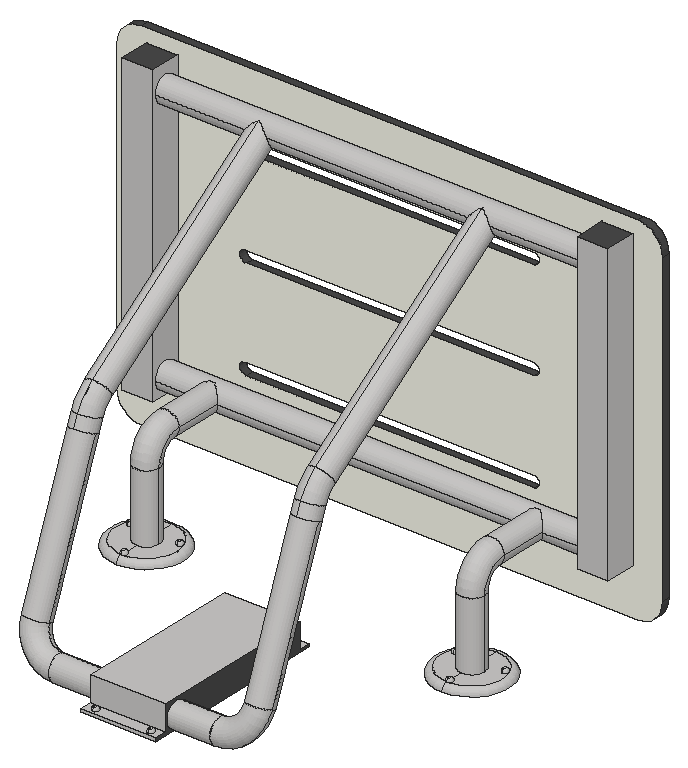
Revit family "Bath_Shower_Seat-Wall_Hung-Bobrick-B-5191", category Specialty Equipment, host Face, Revit 2016 (continued)
Automatic sketch dimensions
  curve 53 to curve 54 = 0.01197"
  level to curve 92 = 1/4"
  level to curve 93 = 1/4"
  curve 56 to curve 50 = 0.08434"
  plane 20 to curve 84 = 3.33291"
  curve 70 to curve 68 = 1/4"
  curve 76 to plane 4 = 3.10459"
  curve 72 to curve 72 = 1/4"
  curve 96 to plane 4 = 2.65655"
  curve 89 to plane 4 = 2.65655"
  curve 103 to plane 1 "Center (Front/Back)" = 0"
  curve 104 to plane 1 "Center (Front/Back)" = 0"
  plane 1 "Center (Front/Back)" to curve 102 = 5/16"
  curve 105 to plane 19 = 0.62237"
  curve 106 to plane 19 = 0.62237"
  level to curve 107 = 1/4"
  curve 107 to plane 11 = 0.55928"
  curve 108 to curve 107 = 0.0553"
  curve 109 to curve 107 = 0.1245"
  curve 108 to curve 109 = 0.07021"
  curve 109 to curve 108 = 0.0553"
  plane 11 to curve 107 = 1/2"
  level to curve 110 = 1/4"
  curve 110 to curve 107 = 1/2"
  curve 110 to curve 110 = 1/4"
  plane 13 to curve 111 = 1/8"
  curve 111 to plane 13 = 1/8"
  curve 114 to plane 16 = 1/4"
  curve 114 to plane 12 = 1.57602"
  level to curve 113 = 0.35202"
  curve 113 to curve 114 = 0.3123"
  curve 113 to curve 114 = 0.46359"
  curve 115 to plane 12 = 0.49749"
  curve 115 to plane 12 = 0.33653"
  curve 112 to plane 12 = 1/8"
  plane 12 to curve 112 = 1/8"
  curve 109 to curve 107 = 0.00027"
  level to curve 111 = 1/8"
  level to curve 112 = 1/8"
  curve 114 to curve 113 = 0.1873"
  curve 115 to plane 16 = 1/4"
  plane 16 to curve 102 = 1.89048"
  curve 102 to curve 105 = 0.23452"
  curve 105 to plane 20 = 7/8"
  curve 103 to plane 20 = 0.22959"
  plane 20 to curve 103 = 1/4"
  curve 104 to plane 4 = 2.90655"
  curve 104 to curve 106 = 0.42631"
  curve 104 to curve 104 = 1/2"
  curve 106 to curve 106 = 1.20583"
  curve 102 to plane 4 = 0.54702"
  Masking region 3 sketch curve to Masking region 3 sketch curve = 0"  (x4)
  Masking region 3 sketch curve to level = 0"  (x2)
  Masking region 3 sketch curve to plane 4 = 0"
  Masking region 3 sketch curve to plane 16 = 0"
  Masking region 3 sketch curve to plane 1 "Center (Front/Back)" = 0"  (x3)
  Masking region 3 sketch curve to plane 20 = 0.03647"
  plane 1 "Center (Front/Back)" to Masking region 3 sketch curve = 0.23109"  (x2)
  plane 20 to Masking region 3 sketch curve = 0.03647"
  plane 1 "Center (Front/Back)" to Masking region 3 sketch curve = 5/16"  (x2)
  Masking region 3 sketch curve to plane 19 = 0.62237"  (x3)
  Masking region 3 sketch curve to plane 11 = 1 1/2"
  level to Masking region 3 sketch curve = 0.00207"  (x2)
  Masking region 3 sketch curve to Masking region 3 sketch curve = 0.24792"  (x2)
  Masking region 3 sketch curve to plane 11 = 1"
  Masking region 3 sketch curve to plane 11 = 0.55928"
  Masking region 3 sketch curve to Masking region 3 sketch curve = 0.05928"
  Masking region 3 sketch curve to Masking region 3 sketch curve = 0.11195"
  level to Masking region 3 sketch curve = 1/4"
  Masking region 3 sketch curve to Masking region 3 sketch curve = 1/2"
  Masking region 3 sketch curve to Masking region 3 sketch curve = 0.0553"  (x3)
  Masking region 3 sketch curve to Masking region 3 sketch curve = 0.00298"
  Masking region 3 sketch curve to Masking region 3 sketch curve = 0.07212"
  Masking region 3 sketch curve to Masking region 3 sketch curve = 0.05738"
  level to Masking region 3 sketch curve = 1/8"  (x4)
  plane 13 to Masking region 3 sketch curve = 1/4"
  Masking region 3 sketch curve to Masking region 3 sketch curve = 1/8"  (x3)
  plane 13 to Masking region 3 sketch curve = 0.0697"
  plane 13 to Masking region 3 sketch curve = 0.00222"
  Masking region 3 sketch curve to plane 13 = 0.00034"
  Masking region 3 sketch curve to plane 13 = 0.0697"
  Masking region 3 sketch curve to plane 13 = 2.05098"
  Masking region 3 sketch curve to Masking region 3 sketch curve = 0.01581"
  Masking region 3 sketch curve to Masking region 3 sketch curve = 0.5474"
  Masking region 3 sketch curve to Masking region 3 sketch curve = 0.37064"
  Masking region 3 sketch curve to Masking region 3 sketch curve = 0.56427"
  Masking region 3 sketch curve to Masking region 3 sketch curve = 0.9252"
  Masking region 3 sketch curve to plane 16 = 1/4"  (x2)
  Masking region 3 sketch curve to plane 12 = 1.57602"
  Masking region 3 sketch curve to plane 12 = 0.49749"
  Masking region 3 sketch curve to plane 12 = 1/4"
  Masking region 3 sketch curve to plane 12 = 1/8"
  Masking region 3 sketch curve to plane 12 = 0.0697"
  Masking region 3 sketch curve to plane 12 = 0.00034"
  plane 12 to Masking region 3 sketch curve = 0.00222"
  plane 12 to Masking region 3 sketch curve = 0.0697"
  Masking region 3 sketch curve to plane 1 "Center (Front/Back)" = 0.09164"  (x2)
  Masking region 3 sketch curve to Masking region 3 sketch curve = 0.00018"  (x2)
  Masking region 3 sketch curve to Masking region 3 sketch curve = 0.00221"
  Masking region 3 sketch curve to Masking region 3 sketch curve = 0.0035"
  Masking region 3 sketch curve to Masking region 3 sketch curve = 0.00486"
  plane 16 to Masking region 3 sketch curve = 1 5/8"
  Masking region 3 sketch curve to Masking region 3 sketch curve = 0.23452"
  Masking region 3 sketch curve to plane 20 = 1/4"
  plane 20 to Masking region 3 sketch curve = 0.14049"
  plane 20 to Masking region 3 sketch curve = 2.02858"
  Masking region 3 sketch curve to Masking region 3 sketch curve = 0.01209"
  Masking region 3 sketch curve to Masking region 3 sketch curve = 0.36521"
  Masking region 3 sketch curve to Masking region 3 sketch curve = 0.37951"
  Masking region 3 sketch curve to plane 4 = 2.90655"
  Masking region 3 sketch curve to Masking region 3 sketch curve = 0.10951"
  Masking region 3 sketch curve to Masking region 3 sketch curve = 0.07295"
  Masking region 3 sketch curve to Masking region 3 sketch curve = 0.28099"
  Masking region 3 sketch curve to Masking region 3 sketch curve = 0.13984"
  Masking region 3 sketch curve to Masking region 3 sketch curve = 1.20583"
  Masking region 3 sketch curve to plane 4 = 0.54702"
  Masking region 3 sketch curve to Masking region 3 sketch curve = 3/8"
  radius of Sweep 5 sketch curve = 1/2"
  radius of Extrusion 6 sketch curve = 0.5172"
  radius of Sweep 7 sketch curve = 1/2"
  radius of Sweep 8 sketch curve = 1/2"
  radius of Extrusion 9 sketch curve = 0.5172"
  radius of Sweep 10 sketch curve = 1/2"
  radius of Sweep 12 sketch curve = 1/2"
  radius of curve 6 = 1/8"
  radius of curve 7 = 1/8"
  radius of curve 8 = 0.0697"
  radius of curve 9 = 1/8"
  radius of curve 10 = 0.0697"
  radius of curve 11 = 0.0697"
  radius of curve 12 = 1/8"
  radius of curve 13 = 0.0697"
  radius of curve 14 = 1/8"
  radius of curve 15 = 0.0697"
  radius of curve 28 = 1/8"
  radius of curve 29 = 1/8"
  radius of curve 30 = 0.0697"
  radius of curve 31 = 1/8"
  radius of curve 32 = 0.0697"
  radius of curve 33 = 0.0697"
  radius of curve 43 = 1/8"
  radius of curve 44 = 0.0697"
  radius of curve 45 = 1/8"
  radius of curve 46 = 0.0697"
  radius of curve 88 = 1/4"
  radius of curve 89 = 0.14049"
  radius of curve 90 = 1/4"
  radius of curve 91 = 0.14049"
  radius of curve 96 = 1/4"
  radius of curve 97 = 0.14049"
  radius of curve 98 = 1/4"
  radius of curve 99 = 0.14049"
